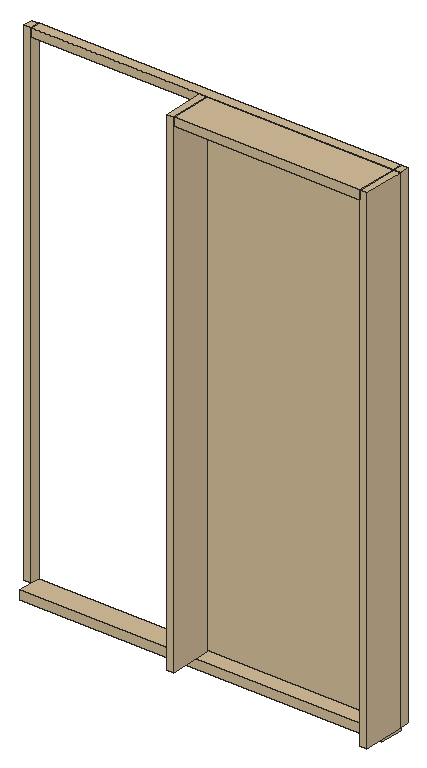
Revit family "Dor_木製-片引き戸", category ドア, Revit 2020
Family settings
  ホスト = 壁
  常に垂直 = はい
  ロード時にボイドで切り取り = はい
  共有 = いいえ
  部屋計算ポイント = いいえ
Parameters (values of type "木製-片引き戸")
  開口逃げ位置表示 [instance] = no
  金物_施錠方式(外) = ""
  金物_施錠方式(内) = ""
  金物_支持金物 = ""
  金物_操作金物 = ""
  金物_戸当り = ""
  金物_固定金物 = ""
  金物_フランス落し = ""
  金物_クローザー = ""
  逃げ_左 = 50 mm
  逃げ_右 = 50 mm
  解析用性能 = "<なし>"
  符号_建具記号 = ""
  符号_建具番号 = ""
  法_随時閉鎖 = yes
  法_防火性能 = ""
  法_遮煙 = yes
  法_常時閉鎖 = yes
  文字_ガラス厚 = ""
  敷居表示 [instance] = yes
  枠見付上_外側 = 35 mm
  枠見付上_内側 = 35 mm
  敷居見込 [instance] = 100 mm
  引手表示 [instance] = yes
  引き残し = 120 mm
  ラベル_遮煙 = if(法_遮煙, "S", " ")  # "S"
  ラベル_法囲み = if(法_常時閉鎖, "□", if(法_随時閉鎖, "〇", " "))  # "□"
  マテリアル_障子紙 = 紙 - 障子
  マテリアル_襖紙 = 紙 - 襖
  マテリアル_引手 = 木目 - ナチュラル
  マテリアル_ハンドル = none
  ドアパネルタイプ = DPJ_フラッシュ : フラッシュ
  クリアランス_戸尻枠 = 15 mm
  クリアランス_壁パネル間 = 10 mm
  calc_逃げ位置 [instance] = if(bWallThicknessOffset, calc_壁芯ずれ, 0 mm)  # 0 mm
  calc_沓摺幅 = パネル幅 + calc_戸尻位置 + クリアランス_戸尻枠  # 1555 mm
  次による断熱プロパティの定義 = スキーマティック タイプ
  文字_額縁材質 = ""
  文字_額縁仕上 = ""
  文字_沓摺材質 = ""
  文字_沓摺仕上 = ""
  文字_枠材質 = ""
  文字_枠仕上 = ""
  文字_建具材質 = ""
  文字_建具仕上 = ""
  文字_取付場所 = ""
  文字_備考 = ""
  文字_パネル厚 = ""
  文字_ガラリ材質 = ""
  文字_ガラリ仕上 = ""
  文字_ガラス材質 = ""
  文字_アンダーカット = ""
  性能_遮音 = ""
  性能_気密 = ""
  形状_沓摺形状 = ""
  形状_枠形状 = ""
  形状_建具形式 = ""
  形状_ガラリ形状 = ""
  calc_戸尻位置 = パネル幅 - 引き残し  # 710 mm
  calc_壁芯ずれ [instance] = オフセット / 2 + LOCK  # 25 mm
  マテリアル_沓摺 = none
  マテリアル_枠 = 木目 - ナチュラル
  マテリアル_パネル = 木目 - ナチュラル
  マテリアル_ガラリ = none
  マテリアル_ガラス = none
  Keynote = ""
  オフセット [instance] = 50 mm
  calc_パネル中心_幅 = 枠見付 / 2 + LOCK  # 15 mm
  calc_パネル中心_厚 = パネル厚 / 2 + LOCK  # 15 mm
  bWallThicknessOffset [instance] = no
  W寸法 = 800 mm
  LOCK = 0 mm  # constant formula
  Function = (empty or 0)
  Description = ""
  Rough Width = 0 mm
  高さ = H寸法 + LOCK  # 2100 mm
  枠見付 = 30 mm
  枠ちり外 = 10 mm
  枠ちり内 = 10 mm
  引手_高さ = 900 mm
  戸当見込 = 50 mm
  戸当見付 = 15 mm
  Construction Type = ""
  Wall Closure = (empty or 0)
  幅 = W寸法 + LOCK  # 800 mm
  Rough Height = 0 mm
  パネル高 = 高さ + LOCK  # 2100 mm
  パネル幅 = 幅 + 枠見付  # 830 mm
  パネル厚 = 30 mm
  H寸法 = 2100 mm
Reference planes
  plane 1: y = 0
  plane 2 "中心(左/右)": x = 0
  plane 3 "EXT.": y = 75
  plane 4 "内壁": y = -75
  plane 5 "左": x = -400
  plane 6 "右": x = 400
  plane 7 "上側": z = 2100
  plane 8: z = 0
  plane 9 "枠ちり外": y = 85
  plane 10 "枠外側左": x = -430
  plane 11 "枠外側右": x = 430
  plane 12 "枠見付_上": z = 2135
  plane 13 "パネル内側": y = 55
  plane 14: y = -125
  plane 15 "枠ちり内": y = -135
  plane 16 "パネル中心": y = 70
  plane 17: y = 65
  plane 18: x = -435
  plane 19: x = 435
  plane 20: y = 65
  plane 21: y = -130
  plane 22 "壁芯": y = -25
  plane 23: z = 900
  plane 24 "壁内_扉側": y = 45
  plane 25: x = -1140
  plane 26: x = -1155
  plane 27: x = -1185
  plane 28 "枠見付上_内": z = 2135
  plane 29 "パネル幅中心": x = -15
  plane 30 "沓摺中心": x = -377.5
  plane 31: y = 65
  plane 32: z = 1050
  plane 33 "敷居見込": y = -15
  plane 34 "逃げ位置": y = 0
  plane 35 "引き残し": x = -280
Forms (mm)
  Extrusion 1, void
    sketch origin (0, 0, 0) x (1, 0, 0) y (0, 1, 0)
      loop
        line (-430, -125) -> (430, -125) -> (430, 45) -> (-430, 45) -> (-430, -125)
    from 0 to 2135
  Extrusion 2, void
    sketch origin (0, 0, 0) x (1, 0, 0) y (0, 1, 0)
      loop
        line (-430, 75) -> (-430, 45) -> (430, 45) -> (430, 75) -> (-430, 75)
    from 0 to 2135
  Extrusion 3, void
    sketch origin (0, 0, 0) x (1, 0, 0) y (0, 1, 0)
      loop
        line (-1185, 45) -> (-430, 45) -> (-430, 75) -> (-1185, 75) -> (-1185, 45)
    from 0 to 2135
  Extrusion 4, solid, material "木目 - ナチュラル" <- "マテリアル_枠"
    sketch origin (0, 0, 0) x (1, 0, 0) y (0, 1, 0)
      loop
        line (400, 45) -> (430, 45) -> (430, 85) -> (400, 85) -> (400, 45)
      loop
        line (-1185, 45) -> (-1155, 45) -> (-1155, 85) -> (-1185, 85) -> (-1185, 45)
    from 0 to 2135
  Extrusion 5, solid, material "木目 - ナチュラル" <- "マテリアル_枠"
    sketch origin (0, 0, 0) x (1, 0, 0) y (0, 1, 0)
      loop
        line (-1155, 45) -> (400, 45) -> (400, 85) -> (-1155, 85) -> (-1155, 45)
    from 2100 to 2135
  Extrusion 6, solid, material "木目 - ナチュラル" <- "マテリアル_枠"
    sketch origin (0, 0, 0) x (1, 0, 0) y (0, 1, 0)
      loop
        line (-400, -135) -> (400, -135) -> (400, 45) -> (-400, 45) -> (-400, -135)
    from 2100 to 2135
  Extrusion 7, solid, material "木目 - ナチュラル" <- "マテリアル_枠"
    sketch origin (0, 0, 0) x (1, 0, 0) y (0, 1, 0)
      loop
        line (-430, -135) -> (-400, -135) -> (-400, 45) -> (-430, 45) -> (-430, -135)
      loop
        line (400, -135) -> (430, -135) -> (430, 45) -> (400, 45) -> (400, -135)
    from 0 to 2135
  Extrusion 8, solid, material "木目 - ナチュラル" <- "マテリアル_枠", visible <- "敷居表示"
    sketch origin (0, 0, 0) x (1, 0, 0) y (0, 1, 0)
      loop
        line (400, -15) -> (400, 85) -> (-1155, 85) -> (-1155, -15) -> (400, -15)
    from 0 to -40
Lines and regions (mm)
  Masking region 1
    outline origin (0, 0, 0) x (0, 1, 0) y (0, 0, 1)
      loop
        line (85, 2100) -> (55, 2100) -> (55, 0) -> (85, 0) -> (85, 2100)
  Masking region 2
    outline origin (0, 0, 0) x (0, 1, 0) y (0, 0, 1)
      loop
        line (-135, 2135) -> (-135, 2100) -> (85, 2100) -> (85, 2135) -> (-135, 2135)
  Masking region 3, not visible, detail levels medium+fine
    outline origin (0, 0, 0) x (1, 0, 0) y (0, 1, 0)
      loop
        line (-400, -130) -> (400, -130) -> (400, -125) -> (400, 55) -> (-400, 55) -> (-400, -125) -> (-400, -130)
  Masking region 4, not visible, detail levels medium+fine
    outline origin (0, 0, 0) x (1, 0, 0) y (0, 1, 0)
      loop
        line (-400, -130) -> (400, -130) -> (400, -125) -> (400, 55) -> (-400, 55) -> (-400, -125) -> (-400, -130)
  Masking region 5, detail levels medium+fine
    outline origin (0, 0, 0) x (1, 0, 0) y (0, 1, 0)
      loop
        line (-430, -135) -> (-400, -135) -> (-400, 45) -> (-430, 45) -> (-430, -135)
      loop
        line (430, -135) -> (430, 85) -> (400, 85) -> (400, -135) -> (430, -135)
      loop
        line (-1185, 45) -> (-1155, 45) -> (-1155, 85) -> (-1185, 85) -> (-1185, 45)
  Masking region 6, detail levels coarse
    outline origin (0, 0, 0) x (1, 0, 0) y (0, 1, 0)
      loop
        line (-400, -130) -> (400, -130) -> (400, -125) -> (400, 75) -> (400, 80) -> (-400, 80) -> (-400, 75) -> (-400, 45) -> (-400, -125) -> (-400, -130)
  Masking region 7, detail levels coarse
    outline origin (0, 0, 0) x (1, 0, 0) y (0, 1, 0)
      loop
        line (-435, 45) -> (-435, -125) -> (-400, -125) -> (-400, 45) -> (-435, 45)
      loop
        line (435, 75) -> (400, 75) -> (400, -125) -> (435, -125) -> (435, 75)
  Masking region 8
    outline origin (0, 0, 0) x (0, 1, 0) y (0, 0, 1)
      loop
        line (55, 5) -> (55, 2100) -> (-135, 2100) -> (-135, 5) -> (55, 5)
  Masking region 9, visible <- "敷居表示", detail levels medium+fine
    outline origin (0, 0, 0) x (1, 0, 0) y (0, 1, 0)
      loop
        line (400, -15) -> (400, 85) -> (-1155, 85) -> (-1155, 45) -> (-400, 45) -> (-400, -15) -> (400, -15)
  symbolic lines
    curve 1: line (0, 135, 0) -> (0, -185, 0)
Text (mm)
  text "EXT." at (-2295.016, 1099.543, 0), in view "基準レベル"
  text "外部" at (0, 1615.38, 3698.081), in view "左"
  text "外部" at (0, 1036.032, 3874.932), in view "右"
  text "内部" at (0, -1175.082, 3874.932), in view "右"
  text "内部" at (-2295.016, -1087.353, 0), in view "基準レベル"
Dimensions and locks
  equal spacing: plane 5 "左", plane 2 "中心(左/右)", plane 6 "右"
  locked: plane 3 "EXT." to host wall
  locked: plane 4 "内壁" to host wall
  "W寸法": plane 5 "左" to plane 6 "右"
  "H寸法": plane 8 to plane 7 "上側"
  "枠ちり外": plane 3 "EXT." to plane 9 "枠ちり外"
  "枠ちり内": plane 14 to plane 15 "枠ちり内"
  "オフセット": plane 14 to plane 4 "内壁"
  locked: plane 3 "EXT." to plane 17 at 10
  locked: curve 1 to plane 9 "枠ちり外" at 50
  locked: plane 15 "枠ちり内" to curve 1 at 50
  plane 4 "内壁" to plane 3 "EXT." = 150 mm
  locked: plane 18 to plane 10 "枠外側左" at 5
  locked: plane 11 "枠外側右" to plane 19 at 5
  locked: plane 20 to plane 3 "EXT." at 10
  locked: plane 3 "EXT." to Masking region 6 sketch curve at 5
  locked: plane 14 to plane 21 at 5
  "calc_壁芯ずれ": plane 22 "壁芯" to plane 1
  "引手_高さ": plane 23 to level
  "枠見付": plane 6 "右" to plane 11 "枠外側右"
  "枠見付": plane 10 "枠外側左" to plane 5 "左"
  plane 7 "上側" to plane 12 "枠見付_上" = 35 mm
  "クリアランス_壁パネル間": plane 13 "パネル内側" to plane 24 "壁内_扉側"
  "クリアランス_戸尻枠": plane 26 to plane 25
  "枠見付": plane 27 to plane 26
  "枠見付上_外側": plane 12 "枠見付_上" to plane 7 "上側"
  "枠見付上_内側": plane 28 "枠見付上_内" to plane 7 "上側"
  "calc_パネル中心_幅": plane 29 "パネル幅中心" to plane 2 "中心(左/右)"
  "calc_戸尻位置": plane 25 to plane 10 "枠外側左"
  equal spacing: plane 26, plane 30 "沓摺中心", plane 6 "右"
  plane 31 to plane 3 "EXT." = 10 mm
  equal spacing: plane 8, plane 32, plane 7 "上側"
  "calc_パネル中心_厚": plane 9 "枠ちり外" to plane 16 "パネル中心"
  "パネル厚": plane 9 "枠ちり外" to plane 13 "パネル内側"
  "敷居見込": plane 9 "枠ちり外" to plane 33 "敷居見込"
  "calc_逃げ位置": plane 34 "逃げ位置" to plane 1
  "引き残し": plane 5 "左" to plane 35 "引き残し"
  aligned and locked: plane 1 to host wall
  aligned and locked: level to plane 8
  aligned and locked: Extrusion 2 sketch curve to host wall
  aligned and locked: plane 10 "枠外側左" to Extrusion 2 sketch curve
  aligned and locked: plane 11 "枠外側右" to Extrusion 2 sketch curve
  aligned and locked: plane 12 "枠見付_上" to Extrusion 2
  aligned and locked: Extrusion 1 to plane 14
  aligned and locked: plane 9 "枠ちり外" to Masking region 2 sketch curve
  aligned and locked: plane 13 "パネル内側" to Masking region 3 sketch curve
  aligned and locked: plane 5 "左" to Masking region 3 sketch curve
  aligned and locked: Masking region 3 sketch curve to plane 6 "右"
  aligned and locked: plane 5 "左" to Masking region 6 sketch curve
  aligned and locked: Masking region 6 sketch curve to plane 6 "右"
  aligned and locked: Masking region 7 sketch curve to plane 18
  aligned and locked: Masking region 6 to Masking region 7 sketch curve
  aligned and locked: plane 6 "右" to Masking region 7 sketch curve
  aligned and locked: Masking region 7 sketch curve to plane 19
  aligned and locked: plane 14 to Masking region 7 sketch curve
  aligned and locked: Masking region 7 sketch curve to plane 14
  aligned and locked: plane 14 to Masking region 6 sketch curve  (x2)
  aligned and locked: plane 3 "EXT." to Masking region 6 sketch curve  (x2)
  aligned and locked: Masking region 6 sketch curve to plane 21
  aligned and locked: Masking region 4 sketch curve to plane 21
  aligned and locked: plane 14 to Masking region 4 sketch curve  (x2)
  aligned and locked: Masking region 3 sketch curve to plane 21
  aligned and locked: plane 14 to Masking region 3 sketch curve  (x2)
  aligned and locked: plane 6 "右" to Masking region 5 sketch curve
  aligned and locked: plane 9 "枠ちり外" to Masking region 5 sketch curve
  aligned and locked: plane 5 "左" to Masking region 5 sketch curve
  aligned and locked: nested 1 to plane 16 "パネル中心"
  aligned and locked: Masking region 5 sketch curve to plane 24 "壁内_扉側"  (x2)
  aligned and locked: Masking region 5 sketch curve to plane 27
  aligned and locked: plane 26 to Masking region 5 sketch curve
  aligned and locked: nested 1 to Masking region 5 sketch curve
  aligned and locked: Extrusion 3 sketch curve to Masking region 5
  aligned and locked: Masking region 5 to Extrusion 3 sketch curve
  aligned and locked: host wall to Extrusion 3 sketch curve
  aligned and locked: plane 10 "枠外側左" to Extrusion 3 sketch curve
  aligned and locked: Extrusion 3 to plane 12 "枠見付_上"
  aligned and locked: Extrusion 4 sketch curve to Masking region 5  (x6)
  aligned and locked: Masking region 5 to Extrusion 4 sketch curve
  aligned and locked: Extrusion 4 to plane 12 "枠見付_上"
  aligned and locked: Masking region 5 to Extrusion 5 sketch curve
  aligned and locked: nested 1 to Extrusion 5 sketch curve
  aligned and locked: Extrusion 5 sketch curve to plane 26
  aligned and locked: Extrusion 5 sketch curve to plane 6 "右"
  aligned and locked: plane 24 "壁内_扉側" to Extrusion 6 sketch curve
  aligned and locked: Extrusion 6 sketch curve to plane 15 "枠ちり内"
  aligned and locked: plane 5 "左" to Extrusion 6 sketch curve
  aligned and locked: Extrusion 6 sketch curve to plane 6 "右"
  aligned and locked: Extrusion 5 to plane 12 "枠見付_上"
  aligned and locked: plane 7 "上側" to Extrusion 5
  aligned and locked: plane 24 "壁内_扉側" to Extrusion 2 sketch curve
  aligned and locked: Extrusion 1 to plane 28 "枠見付上_内"
  aligned and locked: plane 24 "壁内_扉側" to Extrusion 1 sketch curve
  aligned and locked: Extrusion 4 sketch curve to plane 24 "壁内_扉側"
  aligned and locked: Extrusion 7 sketch curve to plane 15 "枠ちり内"  (x2)
  aligned and locked: plane 24 "壁内_扉側" to Extrusion 7 sketch curve  (x2)
  aligned and locked: Extrusion 7 sketch curve to plane 5 "左"
  aligned and locked: Extrusion 7 sketch curve to plane 10 "枠外側左"
  aligned and locked: plane 6 "右" to Extrusion 7 sketch curve
  aligned and locked: Extrusion 7 sketch curve to plane 11 "枠外側右"
  aligned and locked: Extrusion 7 to plane 28 "枠見付上_内"
  aligned and locked: Extrusion 6 to plane 28 "枠見付上_内"
  aligned and locked: plane 7 "上側" to Extrusion 6
  aligned and locked: plane 29 "パネル幅中心" to nested 1
  aligned and locked: plane 2 "中心(左/右)" to nested 2
  aligned and locked: plane 32 to nested 2
  aligned and locked: Masking region 7 sketch curve to plane 24 "壁内_扉側"
  aligned and locked: plane 7 "上側" to Masking region 1 sketch curve
  aligned and locked: plane 15 "枠ちり内" to Masking region 2 sketch curve
  aligned and locked: plane 7 "上側" to Masking region 2 sketch curve
  aligned and locked: plane 12 "枠見付_上" to Masking region 2 sketch curve
  aligned and locked: Masking region 8 sketch curve to plane 7 "上側"
  aligned and locked: Masking region 8 sketch curve to plane 15 "枠ちり内"
  aligned and locked: plane 13 "パネル内側" to Masking region 8 sketch curve
  aligned and locked: plane 26 to Extrusion 8 sketch curve
  aligned and locked: plane 33 "敷居見込" to Extrusion 8 sketch curve
  aligned and locked: Extrusion 8 sketch curve to plane 9 "枠ちり外"
  aligned and locked: plane 6 "右" to Extrusion 8 sketch curve
  aligned and locked: plane 8 to Masking region 1 sketch curve
  aligned and locked: plane 33 "敷居見込" to Masking region 9 sketch curve
  aligned and locked: Masking region 9 sketch curve to plane 9 "枠ちり外"
  aligned and locked: plane 6 "右" to Masking region 9 sketch curve
  aligned and locked: Masking region 9 sketch curve to plane 5 "左"
  aligned and locked: plane 24 "壁内_扉側" to Masking region 9 sketch curve
  aligned and locked: plane 26 to Masking region 9 sketch curve
  aligned and locked: plane 2 "中心(左/右)" to nested 4
  aligned and locked: nested 4 to plane 34 "逃げ位置"
Automatic sketch dimensions
  Masking region 7 sketch curve to host wall = 0 mm
  Masking region 4 sketch curve to plane 5 "左" = 0 mm
  Masking region 4 sketch curve to plane 6 "右" = 0 mm
  Masking region 4 sketch curve to plane 13 "パネル内側" = 0 mm
  curve 1 to plane 2 "中心(左/右)" = 0 mm
  Extrusion 1 sketch curve to plane 10 "枠外側左" = 0 mm
  Extrusion 1 sketch curve to plane 11 "枠外側右" = 0 mm
  Extrusion 1 sketch curve to plane 14 = 0 mm
  Masking region 1 sketch curve to plane 13 "パネル内側" = 0 mm
  Masking region 1 sketch curve to plane 9 "枠ちり外" = 0 mm
  Masking region 6 sketch curve to plane 24 "壁内_扉側" = 0 mm
  level to Masking region 8 sketch curve = 5 mm
  Masking region 5 sketch curve to plane 10 "枠外側左" = 0 mm
  Masking region 5 sketch curve to plane 11 "枠外側右" = 0 mm
  Masking region 5 sketch curve to plane 15 "枠ちり内" = 0 mm  (x2)
Nested families
  nested 1: "平面_引き戸" at (-15, 70, 0), type "平面_引き戸"
    with 幅 830 mm, パネル幅 830 mm, パネル厚 30 mm
  nested 2: "立面_スイング_引き戸" at (0, 75, 1050) x (1, 0, 0) z (0, -1, 0), type "立面_スイング_引き戸"
    with 幅 250 mm
  nested 3: "DPJ_フラッシュ" at (-15, 70, 0) x (-1, 0, 0) z (0, 0, 1), type <- "ドアパネルタイプ", type "フラッシュ"
    with 高さ 2100 mm, 引手表示 yes, 幅 830 mm, 厚さ 30 mm
  nested 4: "平面_逃げ位置" at (0, 0, 0), 幅 <- "W寸法", 逃げ_右 <- "逃げ_右", 逃げ_左 <- "逃げ_左", visible <- "開口逃げ位置表示", type "平面_逃げ位置"
    with 逃げ_左 50 mm, 逃げ_右 50 mm, 幅 800 mm
Definition of nested family "DPJ_フラッシュ"
  Parameters (values of type "フラッシュ")
    高さ = 2110 mm
    引手表示 = no
    引手取付高さ = 900 mm
    幅 = 615 mm
    厚さ = 45 mm
    マテリアル_引手 = none
    マテリアル_パネル = none
  Reference planes
    plane 1 "中心(正面/背面)": y = 0
    plane 2 "下": z = 0
    plane 3 "中心(左/右)": x = 0
    plane 4 "右": x = 307.5
    plane 5 "左": x = -307.5
    plane 6 "前面": y = 22.5
    plane 7 "背面": y = -22.5
    plane 8 "上": z = 2110
    plane 9: x = -227.5
    plane 10: z = 900
  Forms (mm)
    Extrusion 1, solid, material <- "マテリアル_パネル"
      sketch origin (0, 0, 0) x (1, 0, 0) y (0, 0, 1)
        loop
          line (-307.5, 2110) -> (-307.5, 0) -> (307.5, 0) -> (307.5, 2110) -> (-307.5, 2110)
      from -22.5 to 22.5
  Dimensions and locks
    equal spacing: plane 5 "左", plane 3 "中心(左/右)", plane 4 "右"
    "幅": plane 5 "左" to plane 4 "右"
    equal spacing: plane 6 "前面", plane 1 "中心(正面/背面)", plane 7 "背面"
    "厚さ": plane 6 "前面" to plane 7 "背面"
    "高さ": plane 8 "上" to plane 2 "下"
    plane 9 to plane 5 "左" = 80 mm
    "引手取付高さ": plane 10 to plane 2 "下"
    aligned and locked: level to plane 2 "下"
    aligned and locked: Extrusion 1 sketch curve to plane 8 "上"
    aligned and locked: plane 5 "左" to Extrusion 1 sketch curve
    aligned and locked: Extrusion 1 sketch curve to plane 4 "右"
    aligned and locked: plane 6 "前面" to Extrusion 1
    aligned and locked: Extrusion 1 to plane 7 "背面"
    aligned and locked: plane 2 "下" to Extrusion 1 sketch curve
    aligned and locked: nested 1 to plane 9
    aligned and locked: nested 1 to plane 10
  Nested families
    nested 1: "Ha_引手" at (-227.5, 0, 900), visible <- "引手表示", type "Ha_引手"
      with パネル厚 45 mm
  Definition of nested family "Ha_引手"
    Parameters (values of type "Ha_引手")
      Analytic Construction = "<なし>"
      Define Thermal Properties by = 1
      パネル厚 = 30 mm
      ハンドル = none
      Keynote = "08730.C5"
    Reference planes
      plane 1 "中心(正面/背面)": y = 0
      plane 2: z = 0
      plane 3 "中心 (左/右)": x = 0
      plane 4: y = 15
      plane 5: y = -15
      plane 6: y = -20
      plane 7: y = 20
    Forms (mm)
      Extrusion 1, solid, material <- "ハンドル"
        sketch origin (-30, -15, 0) x (1, 0, 0) y (0, 0, 1)
          loop
            line (20, -40) -> (40, -40) -> (40, 40) -> (20, 40) -> (20, -40)
        from -35 to 5
      Extrusion 2, void
        sketch origin (0, -15, 0) x (-1, 0, 0) y (0, 0, 1)
          loop
            line (5, -25) -> (5, 25) -> (-5, 25) -> (-5, -25) -> (5, -25)
        from -5 to 0
      Extrusion 3, void
        sketch origin (0, 15, 0) x (-1, 0, 0) y (0, 0, 1)
          loop
            line (-5, 25) -> (-5, -25) -> (5, -25) -> (5, 25) -> (-5, 25)
        from 0 to 5
    Cuts and joins
      Extrusion 2, Extrusion 3 cuts Extrusion 1
    Dimensions and locks
      equal spacing: plane 5, plane 1 "中心(正面/背面)", plane 4
      "パネル厚": plane 5 to plane 4
      locked: plane 6 to plane 5 at 5
      locked: plane 4 to plane 7 at 5
      aligned and locked: plane 6 to Extrusion 1
      aligned and locked: Extrusion 1 to plane 7
      aligned and locked: Extrusion 1 to Extrusion 2
      aligned and locked: Extrusion 1 to Extrusion 3
    Automatic sketch dimensions
      Extrusion 1 sketch curve to plane 3 "中心 (左/右)" = 10 mm
      plane 3 "中心 (左/右)" to Extrusion 1 sketch curve = 10 mm
      Extrusion 1 sketch curve to level = 40 mm
      level to Extrusion 1 sketch curve = 40 mm
      plane 3 "中心 (左/右)" to Extrusion 2 sketch curve = 5 mm
      Extrusion 2 sketch curve to plane 3 "中心 (左/右)" = 5 mm
      Extrusion 2 sketch curve to level = 25 mm
      level to Extrusion 2 sketch curve = 25 mm
      plane 3 "中心 (左/右)" to Extrusion 3 sketch curve = 5 mm
      Extrusion 3 sketch curve to plane 3 "中心 (左/右)" = 5 mm
      Extrusion 3 sketch curve to level = 25 mm
      level to Extrusion 3 sketch curve = 25 mm
Definition of nested family "平面_引き戸"
  Parameters (values of type "平面_引き戸")
    引き残し = 120 mm
    幅 = 825 mm
    パネル幅 = 幅  # 825 mm
    パネル厚 = 45 mm
  Reference planes
    plane 1 "中心(正面/背面)": y = 0
    plane 2: z = 0
    plane 3 "中心(左/右)": x = 0
    plane 4: x = -412.5
    plane 5: x = 412.5
    plane 6 "内側": y = -22.5
    plane 7 "外側": y = 22.5
    plane 8: x = -292.5
    plane 9: x = -1117.5
  Lines and regions (mm)
    Masking region 1, in view "基準レベル", detail levels medium+fine
      outline origin (0, 0, 0) x (1, 0, 0) y (0, 1, 0)
        loop
          line (-412.5, -22.5) -> (412.5, -22.5) -> (412.5, 22.5) -> (-412.5, 22.5) -> (-412.5, -22.5)
    detail lines, in view "基準レベル", detail levels medium+fine
      curve 1: line (-412.5, -22.5, 0) -> (-1117.5, -22.5, 0)
      curve 2: line (-1117.5, -22.5, 0) -> (-1117.5, 22.5, 0)
      curve 3: line (-1117.5, 22.5, 0) -> (-412.5, 22.5, 0)
    detail lines, in view "基準レベル", detail levels coarse
      curve 4: line (412.5, 0, 0) -> (-412.5, 0, 0)
      curve 5: line (-1117.5, 0, 0) -> (-412.5, 0, 0)
  Dimensions and locks
    equal spacing: plane 4, plane 3 "中心(左/右)", plane 5
    "幅": plane 4 to plane 5
    "パネル厚": plane 7 "外側" to plane 6 "内側"
    equal spacing: plane 7 "外側", plane 1 "中心(正面/背面)", plane 6 "内側"
    "引き残し": plane 4 to plane 8
    "幅": plane 9 to plane 8
    aligned and locked: Masking region 1 sketch curve to plane 6 "内側"
    aligned and locked: Masking region 1 sketch curve to plane 4
    aligned and locked: plane 5 to Masking region 1 sketch curve
    aligned and locked: plane 7 "外側" to Masking region 1 sketch curve
    aligned and locked: plane 5 to curve 4
    aligned and locked: curve 3 to plane 7 "外側"
    aligned and locked: plane 9 to curve 2
    aligned and locked: Masking region 1 to plane 4
    aligned and locked: plane 6 "内側" to curve 1
    aligned and locked: Masking region 1 to plane 6 "内側"
    aligned and locked: plane 5 to Masking region 1
    aligned and locked: plane 4 to curve 4
    aligned and locked: plane 9 to curve 5
    aligned and locked: plane 1 "中心(正面/背面)" to curve 5
    aligned and locked: curve 4 to plane 1 "中心(正面/背面)"
  Automatic sketch dimensions
    curve 3 to plane 4 = 0 mm
    curve 1 to plane 4 = 0 mm
Definition of nested family "立面_スイング_引き戸"
  Parameters (values of type "立面_スイング_引き戸")
    幅 [instance] = 250 mm
  Reference planes
    plane 1 "中心(正面/背面)": y = 0
    plane 2: z = 0
    plane 3 "中心(左/右)": x = 0
    plane 4: x = -125
    plane 5: x = 125
  Lines and regions (mm)
    detail lines, in view "基準レベル"
      curve 1: line (125, 0, 0) -> (-125, 0, 0)
      curve 2: line (-125, 0, 0) -> (-55.718, 40, 0)
  Dimensions and locks
    equal spacing: plane 4, plane 3 "中心(左/右)", plane 5
    "幅": plane 4 to plane 5
    angle curve 1 to curve 2 = 30.00°
    aligned and locked: plane 4 to curve 1
    aligned and locked: plane 5 to curve 1
  Automatic sketch dimensions
    plane 1 "中心(正面/背面)" to curve 1 = 0 mm
Definition of nested family "平面_逃げ位置"
  Parameters (values of type "平面_逃げ位置")
    逃げ_左 [instance] = 40 mm
    逃げ_右 [instance] = 40 mm
    幅 [instance] = 1000 mm
  Reference planes
    plane 1 "中心(正面/背面)": y = 0
    plane 2: z = 0
    plane 3 "中心(左/右)": x = 0
    plane 4: x = -500
    plane 5: x = 500
    plane 6: x = 540
    plane 7: x = -540
    plane 8: y = -30
    plane 9: y = 30
  Lines and regions (mm)
    detail lines, in view "基準レベル"
      curve 1: line (-540, 30, 0) -> (-540, -30, 0)
      curve 2: line (540, 30, 0) -> (540, -30, 0)
  Dimensions and locks
    equal spacing: plane 4, plane 3 "中心(左/右)", plane 5
    "幅": plane 4 to plane 5
    plane 9 to plane 8 = 60 mm
    equal spacing: plane 9, plane 1 "中心(正面/背面)", plane 8
    "逃げ_左": plane 7 to plane 4
    "逃げ_右": plane 5 to plane 6
    aligned and locked: curve 1 to plane 7
    aligned and locked: plane 6 to curve 2
    aligned and locked: plane 9 to curve 2
  Automatic sketch dimensions
    curve 1 to plane 8 = 0 mm
    curve 2 to plane 8 = 0 mm
    curve 1 to plane 9 = 0 mm
